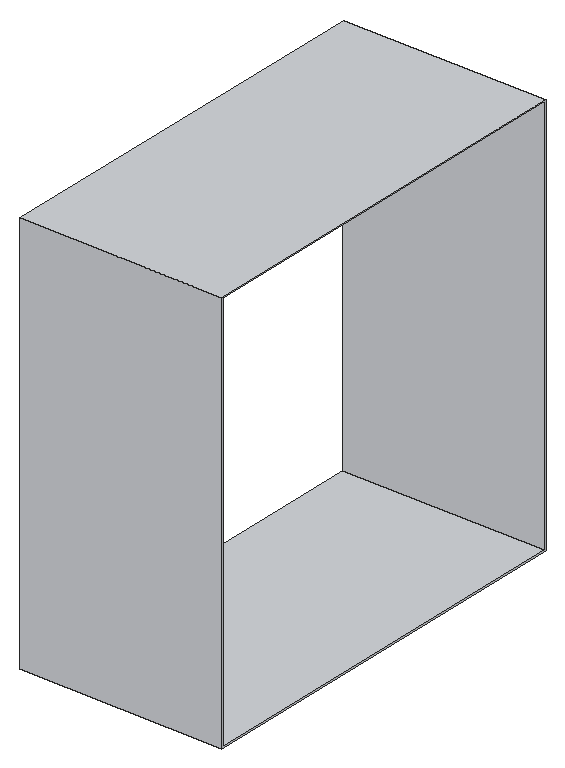
Revit family "BLOCKOUT", category Pipe Accessories, Revit 2021
Family settings
  Round Connector Dimension = Use Diameter
  Part Type = Normal
  Work Plane-Based = Yes
  Always vertical = Yes
  Cut with Voids When Loaded = No
  Shared = No
Parameters
  Width [instance] = 1' - 0"
  TS_Point_Number [instance] = ""
  TS_Point_Description [instance] = "BLOCKOUT"
  Length [instance] = 0' - 6"
  Height [instance] = 1' - 0"
  GTP_PointRole_0 [instance] = ""
  GTP_PointNumber_0 [instance] = ""
  GTP_PointElement_0 [instance] = ""
  GTP_LinkedParam_0 [instance] = "GTP_PointNumber_0"
  Default Elevation = 4' - 0"
Reference planes (in)
  plane 1 "Center (Front/Back)": y = 0
  plane 2: z = 0
  plane 3 "Center (Left/Right)": x = 0
  plane 4: x = 6
Forms (in)
  Extrusion 1, solid
    sketch origin (0, 0, 0) x (0, 1, 0) y (0, 0, 1)
      loop
        line (-6, 6) -> (-6, -6) -> (6, -6) -> (6, 6) -> (-6, 6)
      loop
        line (-5.96875, 5.96875) -> (-5.96875, -5.96875) -> (5.96875, -5.96875) -> (5.96875, 5.96875) -> (-5.96875, 5.96875)
    from 0 to 6
Dimensions and locks (in)
  locked: Extrusion 1 sketch curve to Extrusion 1 sketch curve at 0.03125  (x4)
  equal spacing: Extrusion 1 sketch curve, nested 1, Extrusion 1 sketch curve  (x2)
  "Width": Extrusion 1 sketch curve to Extrusion 1 sketch curve
  "Height": Extrusion 1 sketch curve to Extrusion 1 sketch curve
  "Length": plane 3 "Center (Left/Right)" to plane 4
  aligned and locked: plane 2 to level
  aligned and locked: plane 4 to Extrusion 1
  aligned and locked: plane 1 "Center (Front/Back)" to nested 1
  aligned and locked: level to nested 1
Nested families (in)
  nested 1: "GTP" at (0, 0, 0), PointNumber <- "GTP_PointNumber_0", PointRole <- "GTP_PointRole_0", PointElement <- "GTP_PointElement_0", LinkedParam <- "GTP_LinkedParam_0", PointDescription <- "TS_Point_Description", type "Generic Pt"
    with PointRole "", PointNumber "", PointElement "", PointDescription "BLOCKOUT", LinkedParam "GTP_PointNumber_0"
Definition of nested family "GTP"
  Parameters (values of type "Generic Pt")
    URL = ""
    PointRole [instance] = "Stake Out"
    PointNumber [instance] = ""
    PointElement [instance] = ""
    PointDescription [instance] = "Generic Pt"
    Manufacturer = "Autodesk Inc."
    LinkedParam [instance] = ""
    Default Elevation = 0' - 0"
  Reference planes (in)
    plane 1 "Center (Front/Back)": y = 0
    plane 2: z = 0
    plane 3 "Center (Left/Right)": x = 0
  Forms (in)
    Extrusion 1, solid, detail levels medium+fine
      sketch origin (0, 0, 0) x (1, 0, 0) y (0, 1, 0)
        loop
          line (0.5, -0.5) -> (0.5, 0.5) -> (-0.5, 0.5) -> (-0.5, -0.5) -> (0.5, -0.5)
      from -0.5 to 0.5
  Lines and regions (in)
    model lines, detail levels coarse+medium
      curve 1: line (0, 0.5, 0) -> (0, 0, 0)
      curve 2: line (-0.5, 0, 0) -> (0, 0, 0)
      curve 3: line (0, 0, -0.5) -> (0, 0, 0)
      curve 4: line (0, 0, 0) -> (0.5, 0, 0)
      curve 5: line (0, 0, 0) -> (0, -0.5, 0)
      curve 6: line (0, 0, 0) -> (0, 0, 0.5)
